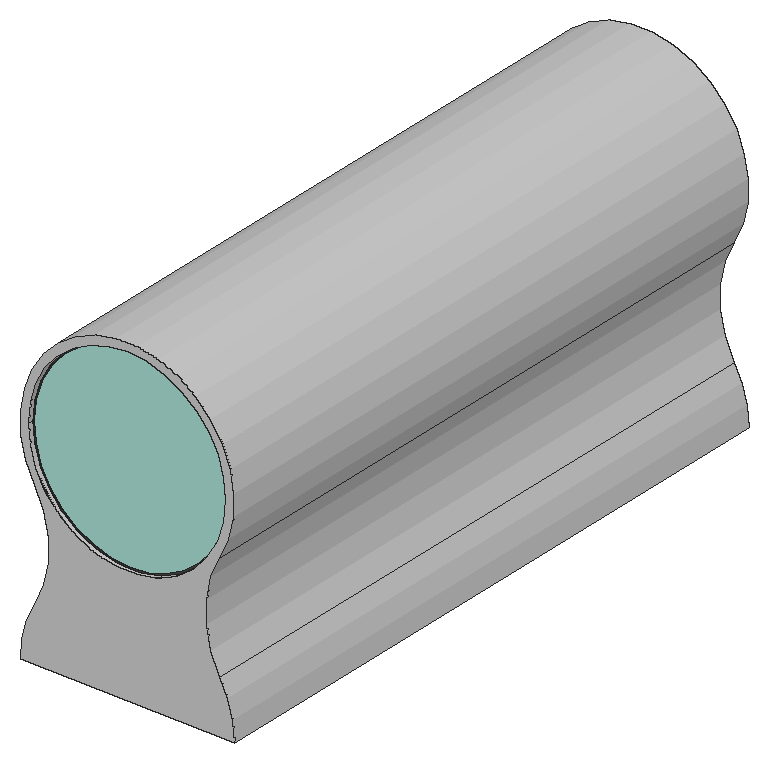
Revit family "Intono 4.1", category Lighting Fixtures, host Face, Revit 2017
Family settings
  Host = Face
  Round Connector Dimension = Use Diameter
  Part Type = Normal
  Cut with Voids When Loaded = Yes
  Light Source = Yes
  Shared = No
  Room Calculation Point = Yes
Parameters (values of type "Intono 4.1 A (3000K 19W 230Vac)")
  Wiring = "parallel"
  Width mm = 166 mm
  Weight kg = "4.80 kg"
  Wattage = 9.20952 W
  built-in parameter 1150110 = 1 (stored number, unit not read)
  Voltage = 230 V
  URL Accessories and power supply units = "https://www.lucelight.it/en/prodotto.php/122306#a-scheda-accessori"
  URL = "https://www.lucelight.it/en/prodotto.php/122306"
  built-in parameter 1114217 = 1 (stored number, unit not read)
  Tiltable = "-"
  URL Technical sheet = "https://www.lucelight.it/media/prodotti/st/ST_INTONO_41-42.pdf"
  URL Image = "https://www.lucelight.it/media/prodotti/foto/intono_4.1_still.jpg"
  URL IES Photometric file = "https://www.lucelight.it/media/prodotti/fotometrie/intono_4.1_ies.zip"
  URL General code = "https://www.lucelight.it/en/prodotto.php/122306#a-generacodice"
  URL Description = "https://www.lucelight.it/en/capitolato.php/122306"
  URL DXF = "https://www.lucelight.it/media/prodotti/dxf/intono_4.1.dxf"
  URL Catalogue = "https://www.lucelight.it/media/prodotti/mf_brochure/intono_brochure_en.pdf"
  Tilt Angle = 180.00°
  built-in parameter 1150109 = 1 (stored number, unit not read)
  built-in parameter 1150134 = (empty or 0)
  built-in parameter 1150113 = 1 (stored number, unit not read)
  Screen = L&L_Black-serigraphed
  Power supply unit = "built in"
  Power supply = "230Vac"
  Power cables = "-"
  Power = "19W"
  Photometric Web File = "INTONO 4.1 A [3000K 19W 230Vac].IES"
  Optics = "asymmetrical"
  Notes = "version compatible with Google Home or Amazon Echo available on request for voice command control; DALI version available on request"
  No. and type of led = "1 high power density COB LED, 2-step MacAdam, 50 000h L95 B10 (Ta 25°C)"
  Mounting = "surface mounted (wall)"
  Model = "Intono 4.1"
  Material = "body in die-cast aluminium, screen in black-serigraphed, tempered, transparent extra-clear glass"
  Manufacturer = "L&L Luce&Light"
  built-in parameter 1150105 = 108.86 (stored number, unit not read)
  Lumens = 1368 lm
  built-in parameter 1150115 = 1 (stored number, unit not read)
  Lumen output at source = "1646 lm (3000K, CRI 80), 1368 lm (3000K, CRI 90)"
  built-in parameter 1150137 = (empty or 0)
  built-in parameter 1150139 = (empty or 0)
  Lens = L&L_Tempered extra-clear glass
  Length mm = 110 mm
  built-in parameter 1150112 = 1 (stored number, unit not read)
  built-in parameter 1150114 = 1 (stored number, unit not read)
  LED Colour = "3000K (also available: 2700K and 4000K - ref. URL Technical sheet)"
  built-in parameter 1150132 = 2
  built-in parameter 1150102 = (empty or 0)
  built-in parameter 1150107 = 3000 (stored number, unit not read)
  built-in parameter 1150138 = (empty or 0)
  built-in parameter 1150106 = 1.0886 (stored number, unit not read)
  IP = "IP65"
  Height mm = 330 mm
  Features = "-"
  Energy efficiency class = "A A+ A++"
  Emit from Line Length = 609.6 mm
  built-in parameter 1150104 = 13.8 (stored number, unit not read)
  Dimming Lamp Color Temperature Shift = <None>
  Description = "Wall mounted for outdoor applications"
  Delivered lumen output = "1386 lm (3000K, 12°, CRI 80), 1152 lm (3000K, 12°, CRI 90)"
  Default Elevation = 1219.2 mm
  Cutout dimensions = "-"
  Control system = "ON/OFF, 1-10V"
  Contact = "T: +39 0444 360571; E: lucelight@lucelight.it"
  Company = "L&L Luce&Light"
  Color Filter = 16777215
  Code = "-"
  CRI = "90 (also available: CRI 80 - ref. URL Technical sheet)"
  Body = L&L_Die-cast aluminium
  built-in parameter 1114218 = 1 (stored number, unit not read)
  built-in parameter 1150133 = 10 (stored number, unit not read)
  Apparent Load Phase 1 = 19 W
  Apparent Load = 0 VA
Types (6, lengths in mm): name | Photometric Web File | Optics
  Intono 4.1 A (3000K 19W 230Vac) | "INTONO 4.1 A [3000K 19W 230Vac].IES" | "asymmetrical"
  Intono 4.1 L 57° (3000K 19W 230Vac) | "INTONO 4.1 L 57° [3000K 19W 230Vac].IES" | "57°"
  Intono 4.1 S 12° (3000K 19W 230Vac) | "INTONO 4.1 S 12° [3000K 19W 230Vac].IES" | "12°"
  Intono 4.1 W (3000K 19W 230Vac) | "INTONO 4.1 W [3000K 19W 230Vac].IES" | "wall grazing"
  Intono 4.1 Z 28° (3000K 19W 230Vac) | "INTONO 4.1 Z 28° [3000K 19W 230Vac].IES" | "asymmetrical 28°"
  Intono 4.1 M 23° (3000K 19W 230Vac) | "INTONO 4.1 M 23° [3000K 19W 230Vac].IES" | "23°"
Reference planes
  plane 1 "Center (Front/Back)": y = 0
  plane 2: z = 0
  plane 3 "Center (Left/Right)": x = 0
  plane 4: z = 30.8
Forms (mm)
  Extrusion 1, solid, material "L&L_Die-cast aluminium" <- "Body", detail levels coarse
    sketch origin (0, 165, 0.3) x (1, 0, 0) y (0, 0, 1)
      loop
        line (-55, 165.7) -> (-55, -0.3) -> (55, -0.3) -> (55, 165.7) -> (-55, 165.7)
    from 0 to 330
  Extrusion 2, solid, material "L&L_Die-cast aluminium" <- "Body", detail levels fine
    sketch origin (0, 165, 0.3) x (1, 0, 0) y (0, 0, 1)
      loop
        arc (-47.631, 83.2) -> (-40.263, 55.7) -> (-47.631, 28.2) r 55
        arc (-47.631, 28.2) -> (-53.126, 14.935) -> (-55, 0.7) r 55
        line (-55, 0.7) -> (55, 0.7)
        arc (55, 0.7) -> (53.126, 14.935) -> (47.631, 28.2) r 55
        arc (47.631, 28.2) -> (40.263, 55.7) -> (47.631, 83.2) r 55
        arc (47.631, 83.2) -> (0, 165.7) -> (-47.631, 83.2) r 55
    from 0 to 330
  Extrusion 3, void
    sketch origin (0, 0, 24.8) x (1, 0, 0) y (0, 0, 1)
      loop
        circle (0, 86.2) r 50.75
    from 161.75 to 196.691
  Extrusion 4, solid, material "L&L_Die-cast aluminium" <- "Body", detail levels medium
    sketch origin (0, 165, 0.3) x (1, 0, 0) y (0, 0, 1)
      loop
        arc (-47.631, 83.2) -> (-40.263, 55.7) -> (-47.631, 28.2) r 55
        arc (-47.631, 28.2) -> (-53.126, 14.935) -> (-55, 0.7) r 55
        line (-55, 0.7) -> (55, 0.7)
        arc (55, 0.7) -> (53.126, 14.935) -> (47.631, 28.2) r 55
        arc (47.631, 28.2) -> (40.263, 55.7) -> (47.631, 83.2) r 55
        arc (47.631, 83.2) -> (0, 165.7) -> (-47.631, 83.2) r 55
    from 0 to 330
  Extrusion 5, solid, detail levels medium+fine
    sketch origin (0, 0, 0) x (1, 0, 0) y (0, 1, 0)
      loop
        arc (51.5, 68.5) -> (0, 120) -> (-51.5, 68.5) r 51.5
        line (-51.5, 68.5) -> (-51.5, -68.5)
        arc (-51.5, -68.5) -> (0, -120) -> (51.5, -68.5) r 51.5
        line (51.5, -68.5) -> (51.5, 68.5)
    from 0 to 1
  Extrusion 6, solid, material "L&L_Black-serigraphed" <- "Screen", detail levels fine
    sketch origin (0, -325.15, 24.5) x (1, 0, 0) y (0, 0, 1)
      loop
        circle (0, 86.5) r 50.75
      loop
        circle (0, 86.5) r 50
    from -163.4 to -162.433
  Extrusion 7, solid, material "L&L_Tempered extra-clear glass" <- "Lens", detail levels fine
    sketch origin (0, -325.15, 24.5) x (1, 0, 0) y (0, 0, 1)
      loop
        circle (0, 86.5) r 50
    from -163.4 to -162.433
Cuts and joins
  Extrusion 3 cuts Extrusion 2
Dimensions and locks
  aligned and locked: plane 2 to host face
  aligned and locked: level to host face
Connectors
  electrical at (0, 0, 0), driven by "Apparent Load Phase 1", driven by "Voltage"
    settings: index 1, voltage 230 V, apparent load 0 VA, apparent load phase1 19 VA, apparent load phase2 0 VA, apparent load phase3 0 VA, power factor 1, load classification "Lighting", number of poles 1, system type 31, power factor state 1, is connector primary yes, connector utility no, sub classification motor no, connector description ""
